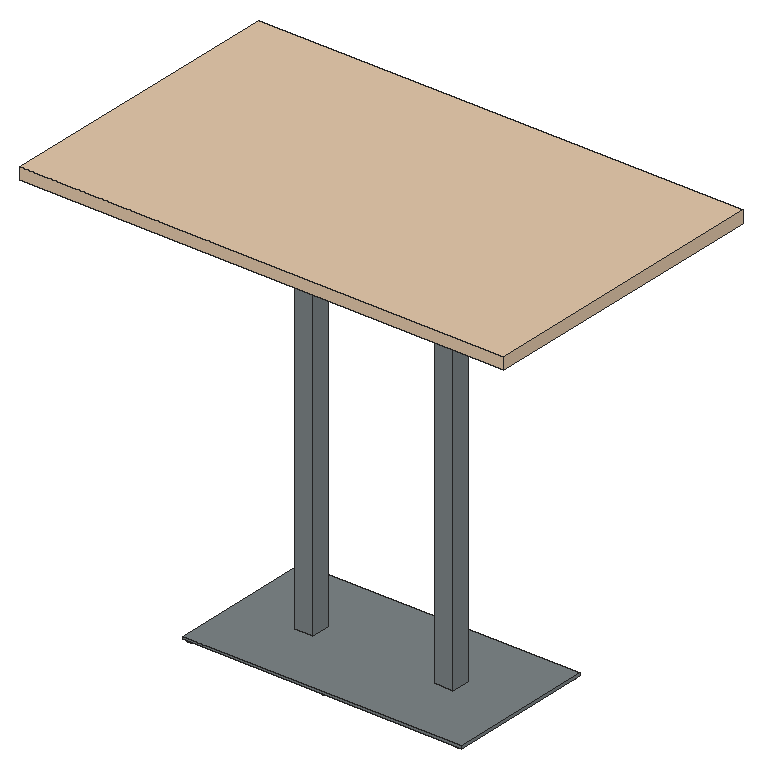
Revit family "FU_Table_Sandler_599AQ-MT", category Furniture, Revit 2020
Family settings
  OmniClass Number = 23.40.20.00
  OmniClass Title = General Furniture and Specialties
  Work Plane-Based = No
  Always vertical = Yes
  Cut with Voids When Loaded = No
  Shared = No
  Room Calculation Point = No
Parameters (values of type "599AQ-MT - 32x52" Top")
  Width = 747 mm
  URL = "https://www.sandlerseating.com/product/599aq-mt/"
  Top Type = FU_TableTops_Rect : 32x52" Top (80x130cm)
  Top Finish [instance] = Wood - Beech - Chestnut Stained
  Model = "599AQ-MT"
  Manufacturer = "Sandler"
  Height = 1100 mm
  Frame Finish [instance] = Metal - Paint -AL VR - Anthracite Grey
  Description = "Double column table base. Available in powdercoat and painted finishes.\r\nOptional upcharge for outdoor version with galvanized-treated frame and adjustable feet."
  Depth = 397 mm
  Default Elevation = 0 mm
Types (4, lengths in mm): name | Top Type | Top Finish | Frame Finish
  599AQ-MT - 28x48" Top | FU_TableTops_Rect : 28x48" Top (70x120cm) | Wood - Beech - Honey Stained | Metal - Paint -AL VR - White Aluminium
  599AQ-MT - 28x52" Top | FU_TableTops_Rect : 28x52" Top (70x130cm) | Wood - Beech - Grey Stained | Metal - Paint -AL VR - Pure White
  599AQ-MT - 32x48" Top | FU_TableTops_Rect : 32x48" Top (80x120cm) | Wood - Beech - Dark Brown Stained | Metal - Paint -AL VR - Rough Metallic Bronze
  599AQ-MT - 32x52" Top | FU_TableTops_Rect : 32x52" Top (80x130cm) | Wood - Beech - Chestnut Stained | Metal - Paint -AL VR - Anthracite Grey
Reference planes
  plane 1 "Center (Front/Back)": y = 0
  plane 2: z = 0
  plane 3 "Center (Left/Right)": x = 0
  plane 4 "Right": x = -373.5
  plane 5 "Left": x = 373.5
  plane 6 "Back": y = 198.5
  plane 7 "Front": y = -198.5
  plane 8 "Height": z = 1100
  plane 9 "Glide height": z = 4
  plane 10 "LG H": y = 185.83
  plane 11: x = -360.83
  plane 12: x = -187.5
Forms (mm)
  Extrusion 1, solid, material "Metal - Paint -AL VR - Anthracite Grey" <- "Frame Finish"
    sketch origin (0, 0, 4) x (-1, 0, 0) y (0, -1, 0)
      loop
        line (373.5, -198.5) -> (373.5, 198.5) -> (-373.5, 198.5) -> (-373.5, -198.5) -> (373.5, -198.5)
    from 0 to 6
  Revolve 2, solid, material "Rubber, Black"
    sketch origin (0, 185.83, 0) x (-1, 0, 0) y (0, 0, 1)
      loop
        line (370.83, 4) -> (360.83, 4) -> (360.83, 0) -> (368.83, 0)
        arc (368.83, 0) -> (370.244, 0.586) -> (370.83, 2) r 2
        line (370.83, 2) -> (370.83, 4)
      axis (360.83, 4) -> (360.83, 0)
    angle from 0 to 360
  Revolve 3, solid, material "Rubber, Black"
    sketch origin (0, 185.83, 0) x (1, 0, 0) y (0, 0, 1)
      loop
        line (370.83, 4) -> (360.83, 4) -> (360.83, 0) -> (368.83, 0)
        arc (368.83, 0) -> (370.244, 0.586) -> (370.83, 2) r 2
        line (370.83, 2) -> (370.83, 4)
      axis (360.83, 4) -> (360.83, 0)
    angle from 0 to 360
  Revolve 4, solid, material "Rubber, Black"
    sketch origin (0, -185.83, 0) x (-1, 0, 0) y (0, 0, -1)
      loop
        line (370.83, -4) -> (370.83, -2)
        arc (370.83, -2) -> (370.244, -0.586) -> (368.83, 0) r 2
        line (368.83, 0) -> (360.83, 0) -> (360.83, -4) -> (370.83, -4)
      axis (360.83, -4) -> (360.83, 0)
    angle from 0 to 360
  Revolve 5, solid, material "Rubber, Black"
    sketch origin (0, -185.83, 0) x (1, 0, 0) y (0, 0, 1)
      loop
        line (370.83, 4) -> (360.83, 4) -> (360.83, 0) -> (368.83, 0)
        arc (368.83, 0) -> (370.244, 0.586) -> (370.83, 2) r 2
        line (370.83, 2) -> (370.83, 4)
      axis (360.83, 4) -> (360.83, 0)
    angle from 0 to 360
  Revolve 6, solid, material "Rubber, Black"
    sketch origin (-360.83, 185.83, 0) x (1, 0, 0) y (0, 0, 1)
      loop
        line (370.83, 4) -> (360.83, 4) -> (360.83, 0) -> (368.83, 0)
        arc (368.83, 0) -> (370.244, 0.586) -> (370.83, 2) r 2
        line (370.83, 2) -> (370.83, 4)
      axis (360.83, 4) -> (360.83, 0)
    angle from 0 to 360
  Revolve 7, solid, material "Rubber, Black"
    sketch origin (-360.83, -185.83, 0) x (1, 0, 0) y (0, 0, 1)
      loop
        line (370.83, 4) -> (360.83, 4) -> (360.83, 0) -> (368.83, 0)
        arc (368.83, 0) -> (370.244, 0.586) -> (370.83, 2) r 2
        line (370.83, 2) -> (370.83, 4)
      axis (360.83, 4) -> (360.83, 0)
    angle from 0 to 360
  Extrusion 8, solid, material "Metal - Paint -AL VR - Anthracite Grey" <- "Frame Finish"
    sketch origin (0, 0, 4) x (-1, 0, 0) y (0, -1, 0)
      loop
        line (212.5, -25) -> (212.5, 25) -> (162.5, 25) -> (162.5, -25) -> (212.5, -25)
    from 6 to 1076
  Extrusion 9, solid, material "Metal - Paint -AL VR - Anthracite Grey" <- "Frame Finish"
    sketch origin (0, 0, 4) x (1, 0, 0) y (0, 1, 0)
      loop
        line (212.5, 25) -> (162.5, 25) -> (162.5, -25) -> (212.5, -25) -> (212.5, 25)
    from 6 to 1076
  Extrusion 10, solid, material "Metal - Paint -AL VR - Anthracite Grey" <- "Frame Finish"
    sketch origin (0, 0, 1100) x (-1, 0, 0) y (0, -1, 0)
      loop
        line (235.5, 44.024) -> (307.236, 115.76)
        arc (307.236, 115.76) -> (304.418, 118.6) -> (301.532, 121.37) r 166.741
        line (301.532, 121.37) -> (227.879, 47.718) -> (147.12, 47.718) -> (73.468, 121.37)
        arc (73.468, 121.37) -> (70.582, 118.6) -> (67.764, 115.76) r 166.741
        line (67.764, 115.76) -> (139.5, 44.024) -> (139.5, -44.024) -> (67.486, -116.038)
        arc (67.486, -116.038) -> (70.298, -118.884) -> (73.177, -121.661) r 166.741
        line (73.177, -121.661) -> (146.556, -48.282) -> (228.444, -48.282) -> (301.823, -121.661)
        arc (301.823, -121.661) -> (304.702, -118.884) -> (307.514, -116.038) r 166.741
        line (307.514, -116.038) -> (235.5, -44.024) -> (235.5, 44.024)
    from -5.84 to -20
  Extrusion 11, solid, material "Metal - Paint -AL VR - Anthracite Grey" <- "Frame Finish"
    sketch origin (0, 0, 1100) x (-1, 0, 0) y (0, -1, 0)
      loop
        arc (235.5, 9.198) -> (237.694, 20.46) -> (243.955, 30.074) r 30
        line (243.955, 30.074) -> (342.527, 131.809)
        arc (342.527, 131.809) -> (344.782, 137.439) -> (342.439, 143.033) r 8
        line (342.439, 143.033) -> (329.622, 155.85)
        arc (329.622, 155.85) -> (323.965, 158.193) -> (318.308, 155.85) r 8
        line (318.308, 155.85) -> (219.527, 57.069)
        arc (219.527, 57.069) -> (209.794, 50.566) -> (198.314, 48.282) r 30
        line (198.314, 48.282) -> (176.686, 48.282)
        arc (176.686, 48.282) -> (165.206, 50.566) -> (155.473, 57.069) r 30
        line (155.473, 57.069) -> (56.692, 155.85)
        arc (56.692, 155.85) -> (51.035, 158.193) -> (45.378, 155.85) r 8
        line (45.378, 155.85) -> (32.561, 143.033)
        arc (32.561, 143.033) -> (30.218, 137.439) -> (32.473, 131.809) r 8
        line (32.473, 131.809) -> (131.045, 30.074)
        arc (131.045, 30.074) -> (137.306, 20.46) -> (139.5, 9.198) r 30
        line (139.5, 9.198) -> (139.5, -9.198)
        arc (139.5, -9.198) -> (137.306, -20.46) -> (131.045, -30.074) r 30
        line (131.045, -30.074) -> (32.473, -131.809)
        arc (32.473, -131.809) -> (30.218, -137.439) -> (32.561, -143.033) r 8
        line (32.561, -143.033) -> (45.378, -155.85)
        arc (45.378, -155.85) -> (51.035, -158.193) -> (56.692, -155.85) r 8
        line (56.692, -155.85) -> (155.473, -57.069)
        arc (155.473, -57.069) -> (165.206, -50.566) -> (176.686, -48.282) r 30
        line (176.686, -48.282) -> (198.314, -48.282)
        arc (198.314, -48.282) -> (209.794, -50.566) -> (219.527, -57.069) r 30
        line (219.527, -57.069) -> (318.308, -155.85)
        arc (318.308, -155.85) -> (323.965, -158.193) -> (329.622, -155.85) r 8
        line (329.622, -155.85) -> (342.439, -143.033)
        arc (342.439, -143.033) -> (344.782, -137.439) -> (342.527, -131.809) r 8
        line (342.527, -131.809) -> (243.955, -30.074)
        arc (243.955, -30.074) -> (237.694, -20.46) -> (235.5, -9.198) r 30
        line (235.5, -9.198) -> (235.5, 9.198)
      loop
        line (53.101, -141.055) -> (62.998, -131.158)
        arc (62.998, -131.158) -> (62.998, -125.502) -> (57.342, -125.502) r 3.999
        line (57.342, -125.502) -> (47.445, -135.399)
        arc (47.445, -135.399) -> (47.5, -141.001) -> (53.101, -141.055) r 4
      loop
        arc (321.899, -141.055) -> (327.5, -141.001) -> (327.555, -135.399) r 4
        line (327.555, -135.399) -> (317.658, -125.502)
        arc (317.658, -125.502) -> (312.002, -125.502) -> (312.002, -131.158) r 3.999
        line (312.002, -131.158) -> (321.899, -141.055)
      loop
        arc (53.101, 141.055) -> (47.5, 141.001) -> (47.445, 135.399) r 4
        line (47.445, 135.399) -> (57.342, 125.502)
        arc (57.342, 125.502) -> (62.998, 125.502) -> (62.998, 131.158) r 3.999
        line (62.998, 131.158) -> (53.101, 141.055)
      loop
        line (321.899, 141.055) -> (312.002, 131.158)
        arc (312.002, 131.158) -> (312.002, 125.502) -> (317.658, 125.502) r 3.999
        line (317.658, 125.502) -> (327.555, 135.399)
        arc (327.555, 135.399) -> (327.5, 141.001) -> (321.899, 141.055) r 4
      loop
        circle (187.5, 0) r 7.5
    from -9.84 to 0
  Extrusion 12, solid, material "Metal - Paint -AL VR - Anthracite Grey" <- "Frame Finish"
    sketch origin (0, 0, 1100) x (1, 0, 0) y (0, 1, 0)
      loop
        line (235.5, -44.024) -> (235.5, 44.024) -> (307.514, 116.038)
        arc (307.514, 116.038) -> (304.702, 118.884) -> (301.823, 121.661) r 166.741
        line (301.823, 121.661) -> (228.444, 48.282) -> (146.556, 48.282) -> (73.177, 121.661)
        arc (73.177, 121.661) -> (70.298, 118.884) -> (67.486, 116.038) r 166.741
        line (67.486, 116.038) -> (139.5, 44.024) -> (139.5, -44.024) -> (67.764, -115.76)
        arc (67.764, -115.76) -> (70.582, -118.6) -> (73.468, -121.37) r 166.741
        line (73.468, -121.37) -> (147.12, -47.718) -> (227.879, -47.718) -> (301.532, -121.37)
        arc (301.532, -121.37) -> (304.418, -118.6) -> (307.236, -115.76) r 166.741
        line (307.236, -115.76) -> (235.5, -44.024)
    from -5.84 to -20
  Extrusion 13, solid, material "Metal - Paint -AL VR - Anthracite Grey" <- "Frame Finish"
    sketch origin (0, 0, 1100) x (1, 0, 0) y (0, 1, 0)
      loop
        line (235.5, -9.198) -> (235.5, 9.198)
        arc (235.5, 9.198) -> (237.694, 20.46) -> (243.955, 30.074) r 30
        line (243.955, 30.074) -> (342.527, 131.809)
        arc (342.527, 131.809) -> (344.782, 137.439) -> (342.439, 143.033) r 8
        line (342.439, 143.033) -> (329.622, 155.85)
        arc (329.622, 155.85) -> (323.965, 158.193) -> (318.308, 155.85) r 8
        line (318.308, 155.85) -> (219.527, 57.069)
        arc (219.527, 57.069) -> (209.794, 50.566) -> (198.314, 48.282) r 30
        line (198.314, 48.282) -> (176.686, 48.282)
        arc (176.686, 48.282) -> (165.206, 50.566) -> (155.473, 57.069) r 30
        line (155.473, 57.069) -> (56.692, 155.85)
        arc (56.692, 155.85) -> (51.035, 158.193) -> (45.378, 155.85) r 8
        line (45.378, 155.85) -> (32.561, 143.033)
        arc (32.561, 143.033) -> (30.218, 137.439) -> (32.473, 131.809) r 8
        line (32.473, 131.809) -> (131.045, 30.074)
        arc (131.045, 30.074) -> (137.306, 20.46) -> (139.5, 9.198) r 30
        line (139.5, 9.198) -> (139.5, -9.198)
        arc (139.5, -9.198) -> (137.306, -20.46) -> (131.045, -30.074) r 30
        line (131.045, -30.074) -> (32.473, -131.809)
        arc (32.473, -131.809) -> (30.218, -137.439) -> (32.561, -143.033) r 8
        line (32.561, -143.033) -> (45.378, -155.85)
        arc (45.378, -155.85) -> (51.035, -158.193) -> (56.692, -155.85) r 8
        line (56.692, -155.85) -> (155.473, -57.069)
        arc (155.473, -57.069) -> (165.206, -50.566) -> (176.686, -48.282) r 30
        line (176.686, -48.282) -> (198.314, -48.282)
        arc (198.314, -48.282) -> (209.794, -50.566) -> (219.527, -57.069) r 30
        line (219.527, -57.069) -> (318.308, -155.85)
        arc (318.308, -155.85) -> (323.965, -158.193) -> (329.622, -155.85) r 8
        line (329.622, -155.85) -> (342.439, -143.033)
        arc (342.439, -143.033) -> (344.782, -137.439) -> (342.527, -131.809) r 8
        line (342.527, -131.809) -> (243.955, -30.074)
        arc (243.955, -30.074) -> (237.694, -20.46) -> (235.5, -9.198) r 30
      loop
        arc (53.101, 141.055) -> (47.5, 141.001) -> (47.445, 135.399) r 4
        line (47.445, 135.399) -> (57.342, 125.502)
        arc (57.342, 125.502) -> (62.998, 125.502) -> (62.998, 131.158) r 3.999
        line (62.998, 131.158) -> (53.101, 141.055)
      loop
        line (321.899, 141.055) -> (312.002, 131.158)
        arc (312.002, 131.158) -> (312.002, 125.502) -> (317.658, 125.502) r 3.999
        line (317.658, 125.502) -> (327.555, 135.399)
        arc (327.555, 135.399) -> (327.5, 141.001) -> (321.899, 141.055) r 4
      loop
        line (53.101, -141.055) -> (62.998, -131.158)
        arc (62.998, -131.158) -> (62.998, -125.502) -> (57.342, -125.502) r 3.999
        line (57.342, -125.502) -> (47.445, -135.399)
        arc (47.445, -135.399) -> (47.5, -141.001) -> (53.101, -141.055) r 4
      loop
        arc (321.899, -141.055) -> (327.5, -141.001) -> (327.555, -135.399) r 4
        line (327.555, -135.399) -> (317.658, -125.502)
        arc (317.658, -125.502) -> (312.002, -125.502) -> (312.002, -131.158) r 3.999
        line (312.002, -131.158) -> (321.899, -141.055)
      loop
        circle (187.5, 0) r 7.5
    from -9.84 to 0
Cuts and joins
  joined: Extrusion 1, Extrusion 8, Extrusion 9, Extrusion 10, Extrusion 11, Extrusion 12, Extrusion 13
Dimensions and locks
  equal spacing: plane 4 "Right", plane 3 "Center (Left/Right)", plane 5 "Left"
  "Width": plane 4 "Right" to plane 5 "Left"
  equal spacing: plane 6 "Back", plane 1 "Center (Front/Back)", plane 7 "Front"
  "Depth": plane 6 "Back" to plane 7 "Front"
  "Height": plane 8 "Height" to level
  plane 9 "Glide height" to level = 4 mm
  aligned and locked: level to plane 2
Automatic sketch dimensions
  Extrusion 1 sketch curve to plane 5 "Left" = 0 mm
  Extrusion 1 sketch curve to plane 4 "Right" = 0 mm
  Extrusion 1 sketch curve to plane 6 "Back" = 0 mm
  Extrusion 1 sketch curve to plane 7 "Front" = 0 mm
  Revolve 2 sketch curve to plane 9 "Glide height" = 0 mm  (x2)
  plane 11 to Revolve 2 sketch curve = 0 mm  (x2)
  Revolve 2 sketch curve to level = 0 mm
  level to Revolve 2 sketch curve = 2 mm
  Revolve 2 sketch curve to plane 4 "Right" = 4.67 mm
  Revolve 2 sketch curve to level = 1.303 mm
  Revolve 3 sketch curve to plane 9 "Glide height" = 0 mm  (x2)
  Revolve 3 sketch curve to level = 0 mm
  Revolve 3 sketch curve to plane 5 "Left" = 12.67 mm
  Revolve 3 sketch curve to level = 2 mm
  Revolve 3 sketch curve to plane 5 "Left" = 4.67 mm
  Revolve 3 sketch curve to Revolve 3 sketch curve = 0 mm
  Revolve 3 sketch curve to Revolve 3 sketch curve = 1.303 mm
  Revolve 4 sketch curve to plane 9 "Glide height" = 0 mm  (x2)
  plane 11 to Revolve 4 sketch curve = 0 mm  (x2)
  Revolve 4 sketch curve to level = 0 mm
  level to Revolve 4 sketch curve = 2 mm
  Revolve 4 sketch curve to plane 4 "Right" = 4.67 mm
  Revolve 4 sketch curve to level = 1.303 mm
  Revolve 5 sketch curve to plane 9 "Glide height" = 0 mm  (x2)
  Revolve 5 sketch curve to level = 0 mm
  plane 5 "Left" to Revolve 5 sketch curve = 12.67 mm
  level to Revolve 5 sketch curve = 2 mm
  plane 5 "Left" to Revolve 5 sketch curve = 4.67 mm
  Revolve 5 sketch curve to Revolve 5 sketch curve = 0 mm
  Revolve 5 sketch curve to Revolve 5 sketch curve = 1.303 mm
  Revolve 6 sketch curve to plane 9 "Glide height" = 0 mm  (x2)
  Revolve 6 sketch curve to level = 0 mm
  plane 3 "Center (Left/Right)" to Revolve 6 sketch curve = 0 mm
  Revolve 6 sketch curve to level = 2 mm
  Revolve 6 sketch curve to plane 3 "Center (Left/Right)" = 8 mm
  Revolve 6 sketch curve to Revolve 6 sketch curve = 0 mm
  Revolve 6 sketch curve to Revolve 6 sketch curve = 1.303 mm
  Revolve 7 sketch curve to plane 9 "Glide height" = 0 mm  (x2)
  Revolve 7 sketch curve to level = 0 mm
  Revolve 7 sketch curve to plane 3 "Center (Left/Right)" = 0 mm
  level to Revolve 7 sketch curve = 2 mm
  plane 3 "Center (Left/Right)" to Revolve 7 sketch curve = 8 mm
  Revolve 7 sketch curve to Revolve 7 sketch curve = 0 mm
  Revolve 7 sketch curve to Revolve 7 sketch curve = 1.303 mm
  Extrusion 8 sketch curve to plane 12 = 25 mm
  Extrusion 8 sketch curve to plane 1 "Center (Front/Back)" = 25 mm
  plane 1 "Center (Front/Back)" to Extrusion 9 sketch curve = 25 mm
  Extrusion 9 sketch curve to plane 3 "Center (Left/Right)" = 162.5 mm
  Extrusion 10 sketch curve to Extrusion 10 sketch curve = 0 mm  (x12)
  Extrusion 10 sketch curve to plane 12 = 0 mm
  Extrusion 10 sketch curve to plane 12 = 40.38 mm
  Extrusion 10 sketch curve to plane 12 = 40.944 mm
  Extrusion 10 sketch curve to Extrusion 10 sketch curve = 7.056 mm  (x2)
  Extrusion 10 sketch curve to plane 3 "Center (Left/Right)" = 73.468 mm
  Extrusion 10 sketch curve to plane 3 "Center (Left/Right)" = 73.177 mm
  Extrusion 10 sketch curve to Extrusion 10 sketch curve = 5.704 mm  (x2)
  Extrusion 10 sketch curve to Extrusion 10 sketch curve = 5.691 mm  (x2)
  plane 12 to Extrusion 10 sketch curve = 40.38 mm
  plane 12 to Extrusion 10 sketch curve = 40.944 mm
  Extrusion 10 sketch curve to plane 11 = 59.298 mm
  Extrusion 10 sketch curve to plane 11 = 59.007 mm
  Extrusion 10 sketch curve to plane 10 "LG H" = 64.169 mm  (x2)
  Extrusion 10 sketch curve to Extrusion 10 sketch curve = 5.623 mm
  Extrusion 10 sketch curve to plane 1 "Center (Front/Back)" = 48.282 mm
  Extrusion 10 sketch curve to Extrusion 10 sketch curve = 4.258 mm  (x2)
  plane 1 "Center (Front/Back)" to Extrusion 10 sketch curve = 44.024 mm  (x2)
  Extrusion 10 sketch curve to Extrusion 10 sketch curve = 3.693 mm
  plane 7 "Front" to Extrusion 10 sketch curve = 82.74 mm  (x2)
  plane 1 "Center (Front/Back)" to Extrusion 11 sketch curve = 0 mm
  Extrusion 11 sketch curve to plane 12 = 0 mm
  Extrusion 11 sketch curve to plane 12 = 10.814 mm  (x2)
  Extrusion 11 sketch curve to Extrusion 11 sketch curve = 21.213 mm  (x5)
  plane 1 "Center (Front/Back)" to Extrusion 11 sketch curve = 9.198 mm  (x2)
  Extrusion 11 sketch curve to plane 12 = 48 mm
  Extrusion 11 sketch curve to plane 1 "Center (Front/Back)" = 30.074 mm  (x2)
  Extrusion 11 sketch curve to Extrusion 11 sketch curve = 8.455 mm  (x4)
  plane 1 "Center (Front/Back)" to Extrusion 11 sketch curve = 30.074 mm  (x2)
  Extrusion 11 sketch curve to plane 1 "Center (Front/Back)" = 9.198 mm  (x2)
  Extrusion 11 sketch curve to plane 3 "Center (Left/Right)" = 62.998 mm  (x2)
  Extrusion 11 sketch curve to Extrusion 11 sketch curve = 2.828 mm  (x12)
  Extrusion 11 sketch curve to Extrusion 11 sketch curve = 6.306 mm  (x4)
  Extrusion 11 sketch curve to Extrusion 11 sketch curve = 9.897 mm  (x8)
  Extrusion 11 sketch curve to Extrusion 11 sketch curve = 5.657 mm  (x18)
  Extrusion 11 sketch curve to Extrusion 11 sketch curve = 2.773 mm  (x6)
  Extrusion 11 sketch curve to Extrusion 11 sketch curve = 2.883 mm  (x6)
  Extrusion 11 sketch curve to plane 10 "LG H" = 29.98 mm  (x2)
  Extrusion 11 sketch curve to Extrusion 11 sketch curve = 9.227 mm  (x4)
  Extrusion 11 sketch curve to Extrusion 11 sketch curve = 5.745 mm  (x4)
  plane 12 to Extrusion 11 sketch curve = 10.814 mm  (x2)
  plane 12 to Extrusion 11 sketch curve = 48 mm
  Extrusion 11 sketch curve to plane 11 = 48.828 mm  (x2)
  Extrusion 11 sketch curve to Extrusion 11 sketch curve = 12.817 mm  (x2)
  Extrusion 11 sketch curve to Extrusion 11 sketch curve = 9.138 mm  (x4)
  Extrusion 11 sketch curve to Extrusion 11 sketch curve = 48.208 mm
  Extrusion 11 sketch curve to Extrusion 11 sketch curve = 0 mm
  plane 1 "Center (Front/Back)" to Extrusion 11 sketch curve = 48.282 mm
  Extrusion 11 sketch curve to Extrusion 11 sketch curve = 8.787 mm  (x2)
  plane 7 "Front" to Extrusion 11 sketch curve = 72.998 mm  (x2)
  Extrusion 11 sketch curve to Extrusion 11 sketch curve = 6.307 mm  (x2)
  Extrusion 11 sketch curve to Extrusion 11 sketch curve = 5.567 mm  (x2)
  Extrusion 12 sketch curve to Extrusion 12 sketch curve = 0 mm  (x12)
  Extrusion 12 sketch curve to plane 3 "Center (Left/Right)" = 67.486 mm
  Extrusion 12 sketch curve to plane 3 "Center (Left/Right)" = 67.764 mm
  Extrusion 12 sketch curve to Extrusion 12 sketch curve = 5.691 mm  (x2)
  Extrusion 12 sketch curve to Extrusion 12 sketch curve = 5.704 mm  (x2)
  plane 1 "Center (Front/Back)" to Extrusion 12 sketch curve = 44.024 mm  (x2)
  Extrusion 12 sketch curve to Extrusion 12 sketch curve = 72.014 mm
  plane 1 "Center (Front/Back)" to Extrusion 12 sketch curve = 48.282 mm
  Extrusion 12 sketch curve to Extrusion 12 sketch curve = 7.056 mm  (x2)
  Extrusion 12 sketch curve to plane 1 "Center (Front/Back)" = 47.718 mm
  Extrusion 12 sketch curve to Extrusion 12 sketch curve = 7.62 mm
  plane 1 "Center (Front/Back)" to Extrusion 12 sketch curve = 0.282 mm
  Extrusion 12 sketch curve to Extrusion 12 sketch curve = 40.38 mm  (x2)
  Extrusion 12 sketch curve to Extrusion 12 sketch curve = 40.944 mm
  Extrusion 12 sketch curve to plane 5 "Left" = 71.968 mm
  Extrusion 12 sketch curve to plane 5 "Left" = 71.677 mm
  plane 10 "LG H" to Extrusion 12 sketch curve = 69.792 mm  (x2)
  Extrusion 12 sketch curve to Extrusion 12 sketch curve = 3.693 mm  (x2)
  Extrusion 12 sketch curve to plane 7 "Front" = 82.74 mm  (x2)
  plane 1 "Center (Front/Back)" to Extrusion 13 sketch curve = 0 mm
  Extrusion 13 sketch curve to plane 3 "Center (Left/Right)" = 32.473 mm  (x2)
  Extrusion 13 sketch curve to Extrusion 13 sketch curve = 0.089 mm  (x2)
  Extrusion 13 sketch curve to Extrusion 13 sketch curve = 5.745 mm  (x4)
  Extrusion 13 sketch curve to Extrusion 13 sketch curve = 12.817 mm  (x4)
  Extrusion 13 sketch curve to Extrusion 13 sketch curve = 9.227 mm  (x4)
  Extrusion 13 sketch curve to Extrusion 13 sketch curve = 2.883 mm  (x6)
  Extrusion 13 sketch curve to Extrusion 13 sketch curve = 5.657 mm  (x16)
  Extrusion 13 sketch curve to Extrusion 13 sketch curve = 2.773 mm  (x6)
  plane 10 "LG H" to Extrusion 13 sketch curve = 29.98 mm  (x2)
  Extrusion 13 sketch curve to Extrusion 13 sketch curve = 9.897 mm  (x8)
  Extrusion 13 sketch curve to Extrusion 13 sketch curve = 2.828 mm  (x12)
  plane 1 "Center (Front/Back)" to Extrusion 13 sketch curve = 9.198 mm  (x2)
  Extrusion 13 sketch curve to plane 3 "Center (Left/Right)" = 109.5 mm
  Extrusion 13 sketch curve to Extrusion 13 sketch curve = 0 mm
  Extrusion 13 sketch curve to plane 1 "Center (Front/Back)" = 30.074 mm  (x2)
  Extrusion 13 sketch curve to Extrusion 13 sketch curve = 21.545 mm  (x2)
  plane 1 "Center (Front/Back)" to Extrusion 13 sketch curve = 30.074 mm  (x2)
  Extrusion 13 sketch curve to plane 1 "Center (Front/Back)" = 57.069 mm  (x2)
  Extrusion 13 sketch curve to Extrusion 13 sketch curve = 24.427 mm  (x2)
  plane 1 "Center (Front/Back)" to Extrusion 13 sketch curve = 57.069 mm  (x2)
  Extrusion 13 sketch curve to Extrusion 13 sketch curve = 21.213 mm  (x5)
  Extrusion 13 sketch curve to Extrusion 13 sketch curve = 48 mm  (x2)
  Extrusion 13 sketch curve to Extrusion 13 sketch curve = 21.628 mm  (x2)
  Extrusion 13 sketch curve to plane 1 "Center (Front/Back)" = 9.198 mm
  Extrusion 13 sketch curve to Extrusion 13 sketch curve = 8.455 mm  (x2)
  Extrusion 13 sketch curve to plane 5 "Left" = 61.498 mm  (x2)
  Extrusion 13 sketch curve to Extrusion 13 sketch curve = 6.306 mm  (x2)
  Extrusion 13 sketch curve to Extrusion 13 sketch curve = 9.138 mm  (x4)
  Extrusion 13 sketch curve to Extrusion 13 sketch curve = 8.787 mm
  Extrusion 13 sketch curve to plane 7 "Front" = 72.998 mm  (x2)
  Extrusion 13 sketch curve to Extrusion 13 sketch curve = 6.307 mm  (x2)
  Extrusion 13 sketch curve to Extrusion 13 sketch curve = 5.567 mm  (x2)
  plane 12 to Extrusion 8 sketch curve = 25 mm
  plane 1 "Center (Front/Back)" to Extrusion 8 sketch curve = 25 mm
  Extrusion 9 sketch curve to Extrusion 9 sketch curve = 50 mm
  Extrusion 9 sketch curve to plane 1 "Center (Front/Back)" = 25 mm
  radius of Extrusion 11 sketch curve = 7.5 mm
  radius of Extrusion 13 sketch curve = 7.5 mm
Nested families
  nested 1: "FU_TableTops_Rect" at (0, 0, 0), Top Finish <- "Top Finish", type <- "Top Type", type "32x52" Top (80x130cm)"
    with Top Finish Wood - Beech - Chestnut Stained
Definition of nested family "FU_TableTops_Rect"
  Parameters (values of type "32x52" Top (80x130cm)")
    Width = 1300 mm
    Top Finish [instance] = none
    Elevation = 1100 mm
    Depth = 800 mm
    Default Elevation = 0 mm
  Types (5, lengths in mm): name | Width | Depth
    (no name) | 1300 | 800
    28x48" Top (70x120cm) | 1200 | 700
    28x52" Top (70x130cm) | 1300 | 700
    32x48" Top (80x120cm) | 1200 | 800
    32x52" Top (80x130cm) | 1300 | 800
  Reference planes
    plane 1 "Center (Front/Back)": y = 0
    plane 2: z = 0
    plane 3 "Center (Left/Right)": x = 0
    plane 4 "Right": x = -650
    plane 5 "Left": x = 650
    plane 6 "Back": y = 400
    plane 7 "Front": y = -400
    plane 8 "Elevation": z = 1100
    plane 9 "Top Height": z = 1131.75
  Forms (mm)
    Extrusion 1, solid, material <- "Top Finish"
      sketch origin (0, 0, 1100) x (-1, 0, 0) y (0, -1, 0)
        loop
          line (650, -400) -> (650, 400) -> (-650, 400) -> (-650, -400) -> (650, -400)
      from 0 to 31.75
  Dimensions and locks
    equal spacing: plane 4 "Right", plane 3 "Center (Left/Right)", plane 5 "Left"
    "Width": plane 4 "Right" to plane 5 "Left"
    equal spacing: plane 6 "Back", plane 1 "Center (Front/Back)", plane 7 "Front"
    "Depth": plane 6 "Back" to plane 7 "Front"
    "Elevation": plane 8 "Elevation" to level
    locked: plane 9 "Top Height" to plane 8 "Elevation" at 31.75
    aligned and locked: level to plane 2
    aligned and locked: Extrusion 1 sketch curve to plane 6 "Back"
    aligned and locked: Extrusion 1 sketch curve to plane 4 "Right"
    aligned and locked: plane 7 "Front" to Extrusion 1 sketch curve
    aligned and locked: plane 5 "Left" to Extrusion 1 sketch curve
    aligned and locked: Extrusion 1 to plane 8 "Elevation"
    aligned and locked: plane 8 "Elevation" to Extrusion 1  (x2)
    aligned and locked: plane 9 "Top Height" to Extrusion 1
    aligned and locked: Extrusion 1 to plane 9 "Top Height"
